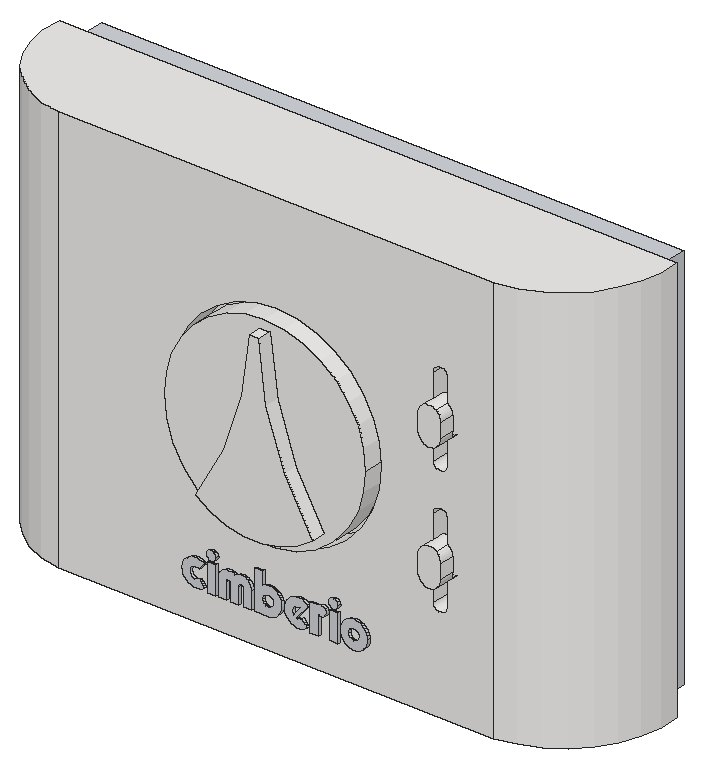
Revit family "AC00410000", category Apparecchi idraulici, Revit 2020
Family settings
  Quota connettore circolare = Usa diametro
  Tipo di parte = Normale
  Numero OmniClass = 23.45.00.00
  Titolo OmniClass = Sanitary, Laundry, and Cleaning Equipment
  Basato su piano di lavoro = No
  Sempre verticale = Sì
  Taglio con vuoti quando caricato = No
  Condiviso = No
  Punto di calcolo locali = No
Parameters
  URL = "https://web.cimberio.com/index.php/figura/1560?subcategoria_id="
  Temperatura di esercizio = ""
  Prospetto di default = 0 mm
  Produttore = "CIMBERIO SPA"
  Pressione nominale = ""
  Modello = "Cim TA/M24"
  Materiale = ""
  Descrizione = "Realizzato in ottemperanza ai requisiti gestionali della norma EN ISO 9001.\r\nUtilizzato per la regolazione della temperatura degli ambienti e comandare apparecchi degli impianti di riscaldamento e condizionamento"
  DN [instance] = 0 mm
  Type Comments = ""
Reference planes
  plane 1 "Centro (Fronte/Retro)": y = 0
  plane 2: z = 0
  plane 3 "Centro (Sinistra/Destra)": x = 0
  plane 4 "DWG": y = -31
Forms (mm)
  Extrusion 1, solid
    sketch origin (0, 0, 0) x (1, 0, 0) y (0, 1, 0)
      loop
        line (-62, 0) -> (-62, -4) -> (62, -4) -> (62, 0) -> (-62, 0)
    from 2 to 85
  Extrusion 2, solid
    sketch origin (0, 0, 0) x (1, 0, 0) y (0, 1, 0)
      loop
        arc (-62, -4) -> (-63.414, -4.586) -> (-64, -6) r 2
        line (-64, -6) -> (-64, -7.019) -> (64, -7.019) -> (64, -6)
        arc (64, -6) -> (63.414, -4.586) -> (62, -4) r 2
        line (62, -4) -> (-62, -4)
    from 2 to 85
  Extrusion 3, solid, material "Cim_Plastica bianca"
    sketch origin (0, 0, 0) x (1, 0, 0) y (0, 1, 0)
      loop
        line (65.85, -6.5) -> (-65.85, -6.5)
        arc (-65.85, -6.5) -> (-61.255, -22.794) -> (-46.446, -31) r 22
        line (-46.446, -31) -> (46.446, -31)
        arc (46.446, -31) -> (61.255, -22.794) -> (65.85, -6.5) r 22
    from 0 to 87
  Extrusion 4, solid
    sketch origin (-0.911, 0, 0.161) x (1, 0, 0) y (0, 0, 1)
      loop
        line (-15.15, 10.411) -> (-14.021, 11.758)
        arc (-14.021, 11.758) -> (-18.834, 9.513) -> (-14.021, 7.269) r 2.93
        line (-14.021, 7.269) -> (-15.15, 8.615)
        arc (-15.15, 8.615) -> (-17.076, 9.513) -> (-15.15, 10.411) r 1.172
      loop
        circle (-12.556, 13.908) r 0.996
      loop
        line (-11.677, 12.443) -> (-13.435, 12.443) -> (-13.435, 6.583) -> (-11.677, 6.583) -> (-11.677, 12.443)
      loop
        arc (-7.516, 11.989) -> (-9.853, 12.211) -> (-11.091, 10.216) r 2.227
        line (-11.091, 10.216) -> (-11.091, 6.583) -> (-9.333, 6.583) -> (-9.333, 10.216)
        arc (-9.333, 10.216) -> (-8.864, 10.685) -> (-8.395, 10.216) r 0.469
        line (-8.395, 10.216) -> (-8.395, 6.583) -> (-6.637, 6.583) -> (-6.637, 10.216)
        arc (-6.637, 10.216) -> (-6.168, 10.685) -> (-5.7, 10.216) r 0.469
        line (-5.7, 10.216) -> (-5.7, 6.583) -> (-3.942, 6.583) -> (-3.942, 10.216)
        arc (-3.942, 10.216) -> (-5.179, 12.211) -> (-7.516, 11.989) r 2.227
      loop
        line (-3.356, 14.787) -> (-3.356, 6.583) -> (-0.426, 6.583)
        arc (-0.426, 6.583) -> (2.442, 10.112) -> (-1.598, 12.198) r 2.93
        line (-1.598, 12.198) -> (-1.598, 14.787) -> (-3.356, 14.787)
      loop
        circle (-0.426, 9.513) r 1.172
      loop
        arc (6.469, 10.596) -> (5.122, 10.266) -> (5.032, 8.883) r 1.172
        line (5.032, 8.883) -> (6.469, 10.596)
      loop
        arc (8.159, 11.515) -> (3.095, 9.689) -> (7.903, 7.269) r 2.93
        line (7.903, 7.269) -> (6.773, 8.615)
        arc (6.773, 8.615) -> (6.198, 8.355) -> (5.57, 8.431) r 1.172
        line (5.57, 8.431) -> (8.159, 11.515)
      loop
        line (8.489, 12.443) -> (8.489, 6.583) -> (10.247, 6.583) -> (10.247, 10.836)
        arc (10.247, 10.836) -> (12.005, 11.652) -> (10.236, 12.443) r 1.065
        line (10.236, 12.443) -> (8.489, 12.443)
      loop
        line (12.591, 12.443) -> (12.591, 6.583) -> (14.349, 6.583) -> (14.349, 12.443) -> (12.591, 12.443)
      loop
        circle (13.47, 13.908) r 0.996
      loop
        circle (17.865, 9.513) r 2.93
      loop
        circle (17.865, 9.513) r 1.16
    from 20.548 to 31.5
  Extrusion 5, void
    sketch origin (25, -29, 0) x (-1, 0, 0) y (0, 0, -1)
      loop
        circle (25, -43.5) r 22.5
      loop
        arc (-11.5, -65.501) -> (-9.999, -67) -> (-8.5, -65.498) r 1.5
        line (-8.5, -65.498) -> (-8.5, -48.498)
        arc (-8.5, -48.498) -> (-10.001, -47) -> (-11.5, -48.501) r 1.5
        line (-11.5, -48.501) -> (-11.5, -65.501)
      loop
        arc (-11.5, -38.501) -> (-9.999, -40) -> (-8.5, -38.498) r 1.5
        line (-8.5, -38.498) -> (-8.5, -21.498)
        arc (-8.5, -21.498) -> (-10.001, -20) -> (-11.5, -21.501) r 1.5
        line (-11.5, -21.501) -> (-11.5, -38.501)
    from -4.374 to 2
  Extrusion 6, solid, material "Cim_Plastica bianca"
    sketch origin (25, -29, 0) x (-1, 0, 0) y (0, 0, -1)
      loop
        circle (25, -43.5) r 21.5
      loop
        arc (-8.5, -60.5) -> (-7.764, -59.618) -> (-7.5, -58.5) r 2.5
        line (-7.5, -58.5) -> (-7.5, -55.5)
        arc (-7.5, -55.5) -> (-7.764, -54.382) -> (-8.5, -53.5) r 2.5
        arc (-8.5, -53.5) -> (-10, -53) -> (-11.5, -53.5) r 2.5
        arc (-11.5, -53.5) -> (-12.236, -54.382) -> (-12.5, -55.5) r 2.5
        line (-12.5, -55.5) -> (-12.5, -58.5)
        arc (-12.5, -58.5) -> (-12.236, -59.618) -> (-11.5, -60.5) r 2.5
        arc (-11.5, -60.5) -> (-10, -61) -> (-8.5, -60.5) r 2.5
      loop
        arc (-11.5, -33.5) -> (-10, -34) -> (-8.5, -33.5) r 2.5
        arc (-8.5, -33.5) -> (-7.764, -32.618) -> (-7.5, -31.5) r 2.5
        line (-7.5, -31.5) -> (-7.5, -28.5)
        arc (-7.5, -28.5) -> (-7.764, -27.382) -> (-8.5, -26.5) r 2.5
        arc (-8.5, -26.5) -> (-10, -26) -> (-11.5, -26.5) r 2.5
        arc (-11.5, -26.5) -> (-12.236, -27.382) -> (-12.5, -28.5) r 2.5
        line (-12.5, -28.5) -> (-12.5, -31.5)
        arc (-12.5, -31.5) -> (-12.236, -32.618) -> (-11.5, -33.5) r 2.5
    from 0 to 5
  Extrusion 7, solid, material "Cim_Plastica bianca"
    sketch origin (25, -34, 0) x (-1, 0, 0) y (0, 0, -1)
      loop
        arc (37.5, -28.533) -> (25, -24) -> (12.5, -28.533) r 19.5
        arc (12.5, -28.533) -> (20.727, -44.94) -> (24, -63) r 64.5
        line (24, -63) -> (26, -63)
        arc (26, -63) -> (29.273, -44.94) -> (37.5, -28.533) r 64.5
    from 0 to 3
Cuts and joins
  Extrusion 5 cuts Extrusion 3
Dimensions and locks
  aligned and locked: level to plane 2
